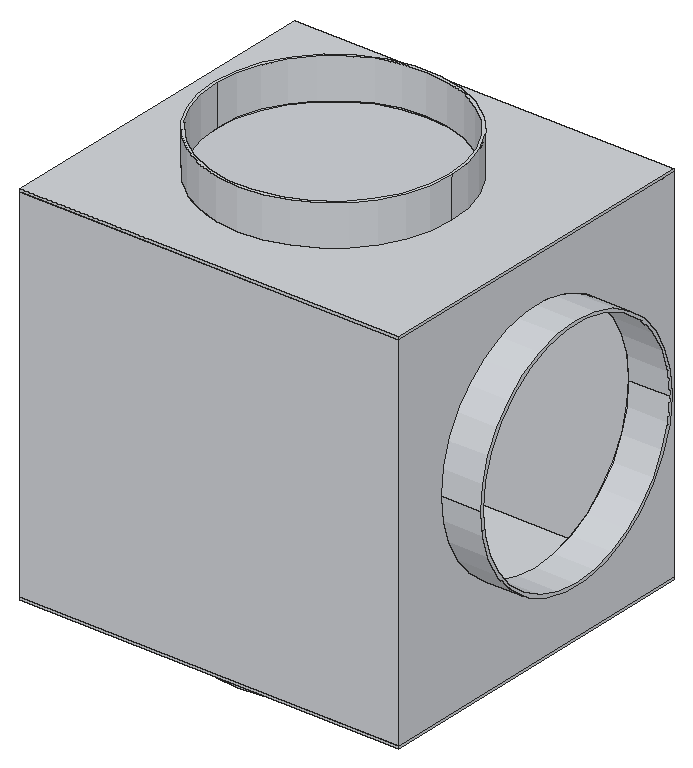
Revit family "16301_CBP", category Air Terminals, Revit 2012
Parameters (values of type "CBP")
  Visible_Texto = or(or(Tamano_Requerido < 6", Tamano_Requerido > 18"), not(Tamano_Requerido = (Var1 * 1")))  # no
  Var2 = if(or((Var1 * 1") < 6", (Var1 * 1") = 6"), 5 7/8", if(or((Var1 * 1") > 18", (Var1 * 1") = 18"), 17 7/8", ((Var1 * 1") - 1" / 8)))  # 11 7/8"
  Var1 = roundup(Tamano_Requerido / 2") * 2  # 12
  URL = "https://www.innes.com.mx"
  Type Comments = "Unidad terminal tipo bypass"
  Tipo de Cuello = "Redondo"
  Tamano_Requerido = 12"
  Posición de Instalación = "Techo"
  Nota1 = if(Tamano_Requerido < 6", "Diámetro no disponible, mínimo 6 in", if(Tamano_Requerido > 18", " Diámetro no disponible, máximo 18 in", if(Tamano_Requerido = (Var1 * 1"), ".", " Diámetro No Válido. Sólo incrementos de 2 in ")))  # "."
  Model = "CBP"
  Material = "Acero"
  Manufacturer = "INNES"
  Incrementos de Cuello = "de 2\""
  Description = "Caja de Volumen Variable"
  Cuello Mín-Máx. = "6\" a 18\""
  Conect = Var2 / 2  # 5 15/16"
Reference planes (in)
  plane 1 "Center (Front/Back)": y = 0
  plane 2: z = 0
  plane 3 "Center (Left/Right)": x = 0
Nested families (in)
  nested 1: "CBP" at (0.6875, 0, 0), type "CBP"
    with Var2 12", Var1 12, Tamano_Requerido 12", Radio_Int 5 13/16", Radio_D 5 15/16", Largo_Espesor 18 1/8", L_Largo 18 3/8", D_Diametro 11 7/8", C_Centro_Circunferencia 8 9/16", A_Centro _Circunferencia 10 1/8", Ancho_Espesor 18 5/8", W_Ancho 18 7/8", Altura_Espesor 16 7/8", H_Altura 17 1/8"
  nested 2: "Texto_TCS" at (-10.87507, -36.66068, 0), type "texto"
    with Visible_Texto no
Connectors (in)
  hvac at (0, 0, 22.375), driven by "Conect"
    settings: on nested 1, index 1, duct flow 0.0 L/s, flow factor 0, pres drop 0.0 Pa, loss coef 0, conn angle 0.00°, conn width 304.8 mm, conn height 304.8 mm, conn radius 150.812 mm, duct sys type 1, conn prof type 0, flow config 0, flow direction 0, loss method 0, conn ref index -1, conn util no, is conn primary yes, conn desc ""
  hvac at (12.125, 0, 12.125), driven by "Conect"
    settings: on nested 1, index 2, duct flow 0.0 L/s, flow factor 0, pres drop 0.0 Pa, loss coef 0, conn angle 0.00°, conn width 304.8 mm, conn height 304.8 mm, conn radius 150.812 mm, duct sys type 1, conn prof type 0, flow config 0, flow direction 0, loss method 0, conn ref index -1, conn util no, is conn primary no, conn desc ""
  hvac at (0, 0, 0), driven by "Conect"
    settings: on nested 1, index 3, duct flow 0.0 L/s, flow factor 0, pres drop 0.0 Pa, loss coef 0, conn angle 0.00°, conn width 304.8 mm, conn height 304.8 mm, conn radius 150.812 mm, duct sys type 1, conn prof type 0, flow config 0, flow direction 0, loss method 0, conn ref index -1, conn util no, is conn primary no, conn desc ""
Definition of nested family "CBP"
  Parameters (values of type "CBP-10")
    Var2 = if(or((Var1 * 1") < 6", (Var1 * 1") = 6"), 6", if((Var1 * 1") = 8", 8", if((Var1 * 1") = 10", 10", if((Var1 * 1") = 12", 12", if((Var1 * 1") = 14", 14", if((Var1 * 1") = 16", 16", if((Var1 * 1") = 18", 18", 18")))))))  # 10"
    Var1 = roundup(Tamano_Requerido / 2") * 2  # 10
    URL = "http://www.innes.com.mx/p/Product/Article/164"
    Tamano_Requerido = 10"
    Radio_Int = Radio_D - 1/8"  # 4 13/16"
    Radio_D = D_Diametro / 2  # 4 15/16"
    Model = "CBP"
    Material = "Lamina Galvanizada"
    Manufacturer = "INNES"
    Largo_Espesor = L_Largo - 1/4"  # 14 1/8"
    L_Largo = if(or((Var1 * 1") < 6", (Var1 * 1") = 6"), 12 3/8", if((Var1 * 1") = 8", 12 3/8", if((Var1 * 1") = 10", 14 3/8", if((Var1 * 1") = 12", 18 3/8", if((Var1 * 1") = 14", 18 3/8", if((Var1 * 1") = 16", 22 3/8", if((Var1 * 1") = 18", 22 3/8", 22 3/8")))))))  # 14 3/8"
    D_Diametro = Var2 - 1" / 8  # 9 7/8"
    Description = "Caja de Volumen Variable"
    Conexion = "Redondo"
    C_Centro_Circunferencia = if(or((Var1 * 1") < 6", (Var1 * 1") = 6"), 5 9/16", if((Var1 * 1") = 8", 5 9/16", if((Var1 * 1") = 10", 6 9/16", if((Var1 * 1") = 12", 8 9/16", if((Var1 * 1") = 14", 8 9/16", if((Var1 * 1") = 16", 10 9/16", if((Var1 * 1") = 18", 10 9/16", 10 9/16")))))))  # 6 9/16"
    A_Centro _Circunferencia = if(or((Var1 * 1") < 6", (Var1 * 1") = 6"), 7 1/8", if((Var1 * 1") = 8", 7 1/8", if((Var1 * 1") = 10", 8 1/8", if((Var1 * 1") = 12", 10 1/8", if((Var1 * 1") = 14", 10 1/8", if((Var1 * 1") = 16", 12 1/8", if((Var1 * 1") = 18", 12 1/8", 12 1/8")))))))  # 8 1/8"
    Ancho_Espesor = W_Ancho - 1/4"  # 14 5/8"
    W_Ancho = if(or((Var1 * 1") < 6", (Var1 * 1") = 6"), 12 7/8", if((Var1 * 1") = 8", 12 7/8", if((Var1 * 1") = 10", 14 7/8", if((Var1 * 1") = 12", 18 7/8", if((Var1 * 1") = 14", 18 7/8", if((Var1 * 1") = 16", 22 7/8", if((Var1 * 1") = 18", 22 7/8", 22 7/8")))))))  # 14 7/8"
    Altura_Espesor = H_Altura - 1" / 4  # 12 7/8"
    H_Altura = if(or((Var1 * 1") < 6", (Var1 * 1") = 6"), 11 1/8", if((Var1 * 1") = 8", 11 1/8", if((Var1 * 1") = 10", 13 1/8", if((Var1 * 1") = 12", 17 1/8", if((Var1 * 1") = 14", 17 1/8", if((Var1 * 1") = 16", 21 1/8", if((Var1 * 1") = 18", 21 7/8", 21 7/8")))))))  # 13 1/8"
  Types (8): name | Var2 | Var1 | Tamano_Requerido | Radio_Int | Radio_D | Largo_Espesor | L_Largo | D_Diametro | C_Centro_Circunferencia | A_Centro _Circunferencia | Ancho_Espesor | W_Ancho | Altura_Espesor | H_Altura
    (no name) | 10" | 10 | 10" | 4 13/16" | 4 15/16" | 14 1/8" | 14 3/8" | 9 7/8" | 6 9/16" | 8 1/8" | 14 5/8" | 14 7/8" | 12 7/8" | 13 1/8"
    CBP-06 | 6" | 6 | 6" | 2 13/16" | 2 15/16" | 12 1/8" | 12 3/8" | 5 7/8" | 5 9/16" | 7 1/8" | 12 5/8" | 12 7/8" | 10 7/8" | 11 1/8"
    CBP-10 | 10" | 10 | 10" | 4 13/16" | 4 15/16" | 14 1/8" | 14 3/8" | 9 7/8" | 6 9/16" | 8 1/8" | 14 5/8" | 14 7/8" | 12 7/8" | 13 1/8"
    CBP-12 | 12" | 12 | 12" | 5 13/16" | 5 15/16" | 18 1/8" | 18 3/8" | 11 7/8" | 8 9/16" | 10 1/8" | 18 5/8" | 18 7/8" | 16 7/8" | 17 1/8"
    CBP-16 | 16" | 16 | 16" | 7 13/16" | 7 15/16" | 22 1/8" | 22 3/8" | 15 7/8" | 10 9/16" | 12 1/8" | 22 5/8" | 22 7/8" | 20 7/8" | 21 1/8"
    CBP-08 | 8" | 8 | 8" | 3 13/16" | 3 15/16" | 12 1/8" | 12 3/8" | 7 7/8" | 5 9/16" | 7 1/8" | 12 5/8" | 12 7/8" | 10 7/8" | 11 1/8"
    CBP-14 | 14" | 14 | 14" | 6 13/16" | 6 15/16" | 18 1/8" | 18 3/8" | 13 7/8" | 8 9/16" | 10 1/8" | 18 5/8" | 18 7/8" | 16 7/8" | 17 1/8"
    CBP-18 | 18" | 18 | 18" | 8 13/16" | 8 15/16" | 22 1/8" | 22 3/8" | 17 7/8" | 10 9/16" | 12 1/8" | 22 5/8" | 22 7/8" | 21 5/8" | 21 7/8"
  Reference planes (in)
    plane 1 "Center (Front/Back)": y = 0
    plane 2: z = 0
    plane 3 "Center (Left/Right)": x = 0
    plane 4 "Altura perfil 1": z = 2
    plane 5: y = 6.5625
    plane 6: y = -6.5625
    plane 7: x = -7.4375
    plane 8: x = 7.4375
    plane 9 "Alto placa": z = 2.125
    plane 10 "Altura caja": z = 16.25
    plane 11: y = 6.4375
    plane 12: y = -6.4375
    plane 13: x = -7.3125
    plane 14: x = 7.3125
    plane 15: y = 0
    plane 16: x = -0.6875
    plane 17 "Alto placa superior": z = 16.375
    plane 18 "Altura perfil superior": z = 17.125
    plane 19: z = 10.125
    plane 20: x = 9.4375
  Forms (in)
    Extrusion 1, solid
      sketch origin (0, 0, 2.125) x (-1, 0, 0) y (0, -1, 0)
        loop
          line (7.4375, -6.5625) -> (7.4375, 6.5625) -> (-7.4375, 6.5625) -> (-7.4375, -6.5625) -> (7.4375, -6.5625)
        loop
          line (7.3125, -6.4375) -> (7.3125, 6.4375) -> (-7.3125, 6.4375) -> (-7.3125, -6.4375) -> (7.3125, -6.4375)
      from 0 to 14.125
    Extrusion 2, solid
      sketch origin (0, 0, 0) x (1, 0, 0) y (0, 1, 0)
        loop
          circle (-0.6875, 0) r 4.9375
        loop
          circle (-0.6875, 0) r 4.8125
      from 0 to 2
    Extrusion 3, solid
      sketch origin (0, 0, 2) x (-1, 0, 0) y (0, -1, 0)
        loop
          line (7.4375, -6.5625) -> (7.4375, 6.5625) -> (-7.4375, 6.5625) -> (-7.4375, -6.5625) -> (7.4375, -6.5625)
        loop
          circle (0.6875, 0) r 4.9375
      from 0 to 0.125
    Extrusion 4, solid
      sketch origin (0, 0, 2) x (-1, 0, 0) y (0, -1, 0)
        loop
          line (7.4375, -6.5625) -> (7.4375, 6.5625) -> (-7.4375, 6.5625) -> (-7.4375, -6.5625) -> (7.4375, -6.5625)
        loop
          circle (0.6875, 0) r 4.9375
      from 0 to 0.125
    Extrusion 5, solid
      sketch origin (0, 0, 16.25) x (-1, 0, 0) y (0, -1, 0)
        loop
          line (7.4375, -6.5625) -> (7.4375, 6.5625) -> (-7.4375, 6.5625) -> (-7.4375, -6.5625) -> (7.4375, -6.5625)
        loop
          circle (0.6875, 0) r 4.9375
      from 0 to 0.125
    Extrusion 6, solid
      sketch origin (0, 0, 16.375) x (-1, 0, 0) y (0, -1, 0)
        loop
          circle (0.6875, 0) r 4.9375
        loop
          circle (0.6875, 0) r 4.8125
      from 0 to 2
    Extrusion 7, void
      sketch origin (0, 0, 0) x (0, 1, 0) y (0, 0, 1)
        loop
          circle (0, 10.125) r 4.9375
      from 6.3125 to 7.4375
    Extrusion 8, solid
      sketch origin (0, 0, 0) x (0, 1, 0) y (0, 0, 1)
        loop
          circle (0, 10.125) r 4.9375
        loop
          circle (0, 10.125) r 4.8125
      from 9.4375 to 7.4375
    Extrusion 9, solid
      sketch origin (0, 0, 0) x (1, 0, 0) y (0, 0, 1)
        loop
          line (6.8125, 16.25) -> (-6.8125, 14.2002) -> (-6.8125, 13.7002) -> (7.3125, 15.83816) -> (7.3125, 16.25) -> (6.8125, 16.25)
      from -6.4375 to 6.4375
  Cuts and joins
    Extrusion 7 cuts Extrusion 1
  Dimensions and locks (in)
    locked: plane 4 "Altura perfil 1" to level at 2
    equal spacing: plane 7, plane 3 "Center (Left/Right)", plane 8
    "W_Ancho": plane 7 to plane 8
    equal spacing: plane 5, plane 1 "Center (Front/Back)", plane 6
    "H_Altura": plane 5 to plane 6
    locked: plane 9 "Alto placa" to plane 4 "Altura perfil 1" at 0.125
    equal spacing: plane 13, plane 3 "Center (Left/Right)", plane 14
    "Ancho_Espesor": plane 13 to plane 14
    equal spacing: plane 11, plane 1 "Center (Front/Back)", plane 12
    "A_Centro _Circunferencia": plane 16 to plane 8
    "C_Centro_Circunferencia": plane 5 to plane 15
    locked: plane 17 "Alto placa superior" to plane 10 "Altura caja" at 0.125
    plane 18 "Altura perfil superior" to plane 17 "Alto placa superior" = 3/4"
    "L_Largo": plane 17 "Alto placa superior" to plane 4 "Altura perfil 1"
    "A_Centro _Circunferencia": plane 19 to plane 4 "Altura perfil 1"
    locked: plane 20 to plane 8 at 2
    "Altura_Espesor": plane 11 to plane 12
    Extrusion 9 sketch curve to cut or joined group of Extrusion 1, Extrusion 7 = 1/2"
    "Radio_D": radius of Extrusion 2 sketch curve
    "Radio_Int": radius of Extrusion 2 sketch curve
    "Radio_D": radius of Extrusion 3 sketch curve
    "Radio_D": radius of Extrusion 4 sketch curve
    "Radio_D": radius of Extrusion 5 sketch curve
    "Radio_D": radius of Extrusion 6 sketch curve
    "Radio_Int": radius of Extrusion 6 sketch curve
    "Radio_D": radius of Extrusion 7 sketch curve
    "Radio_D": radius of Extrusion 8 sketch curve
    "Radio_Int": radius of Extrusion 8 sketch curve
    aligned and locked: plane 2 to level
    aligned and locked: Extrusion 1 sketch curve to plane 11
    aligned and locked: plane 13 to Extrusion 1 sketch curve
    aligned and locked: plane 12 to Extrusion 1 sketch curve
    aligned and locked: Extrusion 1 sketch curve to plane 14
    aligned and locked: plane 10 "Altura caja" to Extrusion 1
    aligned and locked: plane 8 to Extrusion 7
    aligned and locked: Extrusion 8 to plane 8
    aligned and locked: plane 20 to Extrusion 8
    aligned and locked: plane 11 to Extrusion 9
    aligned and locked: Extrusion 9 to plane 12
  Automatic sketch dimensions
    Extrusion 1 sketch curve to plane 5 = 0"
    Extrusion 1 sketch curve to plane 8 = 0"
    Extrusion 1 sketch curve to plane 7 = 0"
    Extrusion 1 sketch curve to plane 6 = 0"
    Extrusion 2 sketch curve to Extrusion 2 sketch curve = 0"  (x2)
    Extrusion 2 sketch curve to plane 15 = 0"
    Extrusion 2 sketch curve to plane 16 = 0"
    Extrusion 3 sketch curve to plane 15 = 0"
    Extrusion 3 sketch curve to plane 16 = 0"
    Extrusion 4 sketch curve to plane 5 = 0"
    Extrusion 4 sketch curve to plane 8 = 0"
    Extrusion 4 sketch curve to plane 15 = 0"
    Extrusion 4 sketch curve to plane 16 = 0"
    Extrusion 4 sketch curve to plane 7 = 0"
    Extrusion 4 sketch curve to plane 6 = 0"
    Extrusion 5 sketch curve to plane 15 = 0"
    Extrusion 5 sketch curve to plane 16 = 0"
    Extrusion 6 sketch curve to Extrusion 6 sketch curve = 0"  (x2)
    Extrusion 6 sketch curve to plane 15 = 0"
    Extrusion 6 sketch curve to plane 16 = 0"
    Extrusion 3 sketch curve to plane 5 = 0"
    Extrusion 3 sketch curve to plane 8 = 0"
    Extrusion 3 sketch curve to plane 7 = 0"
    Extrusion 3 sketch curve to plane 6 = 0"
    Extrusion 5 sketch curve to plane 5 = 0"
    Extrusion 5 sketch curve to plane 8 = 0"
    Extrusion 5 sketch curve to plane 7 = 0"
    Extrusion 5 sketch curve to plane 6 = 0"
    Extrusion 7 sketch curve to plane 15 = 0"
    Extrusion 7 sketch curve to plane 19 = 0"
    Extrusion 8 sketch curve to Extrusion 8 sketch curve = 0"  (x2)
    Extrusion 8 sketch curve to plane 15 = 0"
    Extrusion 8 sketch curve to plane 19 = 0"
    Extrusion 9 sketch curve to plane 10 "Altura caja" = 0"
    Extrusion 9 sketch curve to plane 14 = 0"
    Extrusion 9 sketch curve to Extrusion 9 sketch curve = 1/2"  (x2)
    Extrusion 9 sketch curve to Extrusion 9 sketch curve = 0.41184"
    Extrusion 9 sketch curve to plane 10 "Altura caja" = 2.0498"
Definition of nested family "Texto_TCS"
  Parameters (values of type "texto")
    texto = "Caudal no Válido"
    Visible_Texto = yes
    Color = rojo
  Reference planes (in)
    plane 1 "Center (Front/Back)": y = 0
    plane 2: z = 0
    plane 3 "Center (Left/Right)": x = 0
